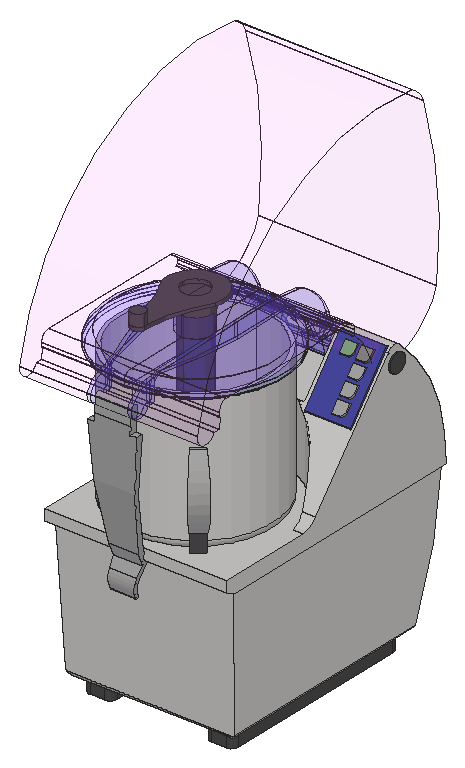
Revit family "QF_ELECTROLUXPROFESSIONAL_600520_K70YVVU", category Attrezzature speciali, Revit 2020
Family settings
  Quota connettore circolare = Usa diametro
  Tipo di parte = Normale
  Basato su piano di lavoro = No
  Sempre verticale = Sì
  Taglio con vuoti quando caricato = No
  Condiviso = No
  Punto di calcolo locali = No
Parameters (values of type "Standard")
  Weight = 24.00 kg
  Watts = 1500 W
  Volts = 110 V
  URL Manufacturer = "https://www.electroluxprofessional.com/"
  URL = "https://www.electroluxprofessional.com/"
  Steam Supply Size = 0 mm
  Steam Supply Minimum Pressure = 0.0 Pa
  Steam Supply Maximum Pressure = 0.0 Pa
  Steam Consumption per Hour = 0
  Show Logo [instance] = yes
  Show Clearance [instance] = yes
  Refrigeration Suction Line Size = 0.0 mm
  Refrigeration Liquid Line Size = 0.0 mm
  Refrigerant Compressor Remote = yes
  Prospetto di default = 0.0 mm
  Produttore = "Electrolux Professional"
  Phase = 1
  Modello = "K70YVVU"
  Length Actual = 256.0 mm  # constant formula
  Item Number = "600520"
  Hot Water Size = 0 mm
  Height Actual = 522.0 mm  # constant formula
  HP = "2 HP"
  Gas Size = 0 mm
  Gas KW = 0
  Gas Input Pressure = 0 W
  Direct Waste Size = 0 mm
  Descrizione = "CUTTER-MIXER 7L-MICROTOOTHED BLADE-VARIAB.SPEED-1500W-100-120/1/60-US"
  Depth Actual = 422.0 mm  # constant formula
  Cycle = 60 Hz
  Condensate Return Size = 0 mm
  Compressed Air Volume = 0.0 L/s
  Compressed Air Size = 0 mm
  Compressed Air Pressure = 0.0 Pa
  Cold Water Size = 0 mm
  Accessory = yes
Reference planes
  plane 1 "Center (Front/Back)": y = 0
  plane 2: z = 0
  plane 3 "Center (Left/Right)": x = 0
  plane 4 "BACK": y = 207.5
  plane 5 "LEFT": x = -128
  plane 6 "RIGHT": x = 128
  plane 7 "CenterX": x = -10
  plane 8 "Maniglia": through (-10, -59.177, 4000) normal (0.766, 0.6428, 0)
  plane 9 "Panel": through (4267.2, 107.252, 388.448) normal (0, 0.766, -0.6428)
  plane 10: z = 333.007
  plane 11: z = 705
  plane 12 "FRONT": y = -211.43
Forms (mm)
  Extrusion 1, solid, material "QF_Finishes_Stainless Steel"
    sketch origin (0, 0, 13) x (0, 1, 0) y (0, 0, 1)
      loop
        arc (207.5, 203.483) -> (187.745, 305.45) -> (127.203, 389.844) r 242.898
        arc (127.203, 389.844) -> (116.931, 393.38) -> (107.252, 388.448) r 13.902
        line (107.252, 388.448) -> (-20.106, 236.67)
        arc (-20.106, 236.67) -> (-30.264, 228.875) -> (-42.764, 226.104) r 29.578
        line (-42.764, 226.104) -> (-177.764, 226.104) -> (-177.764, 211.104) -> (-161.42, 203.483) -> (207.5, 203.483)
    from -128 to 128
  Extrusion 2, void
    sketch origin (0, -207.5, 0) x (-1, 0, 0) y (0, 0, 1)
      loop
        line (-53.607, 430.88) -> (-53.607, 336.684) -> (71.073, 336.684) -> (71.073, 430.88) -> (-53.607, 430.88)
    from 255.469 to 415
  Extrusion 3, solid, material "QF_Finishes_Black"
    sketch origin (0, 0.856, 11.209) x (0, 1, 0) y (0, 0, 1)
      loop
        circle (117.901, 373.007) r 13.005
    from 131.516 to 128
  Extrusion 4, solid, material "QF_Finishes_Black"
    sketch origin (0, 0.856, 11.209) x (0, 1, 0) y (0, 0, -1)
      loop
        circle (117.901, -373.007) r 13.005
    from 131.516 to 128
  Extrusion 5, void
    sketch origin (0, 0, 13) x (1, 0, 0) y (0, 1, 0)
      loop
        arc (115, -59.177) -> (-10, 65.823) -> (-135, -59.177) r 125
        line (-135, -59.177) -> (115, -59.177)
    from 226.104 to 336.684
  Extrusion 6, solid, material "QF_Finishes_Stainless Steel"
    sketch origin (0, 0, 13) x (0, 1, 0) y (0, 0, 1)
      loop
        arc (155.897, 6) -> (160.37, 10.596) -> (163.359, 16.27) r 22.417
        arc (163.359, 16.27) -> (192.273, 107.896) -> (201.98, 203.483) r 470.678
        line (201.98, 203.483) -> (-161.42, 203.483)
        arc (-161.42, 203.483) -> (-159.547, 108.877) -> (-151.391, 14.604) r 1423.016
        arc (-151.391, 14.604) -> (-146.603, 8.365) -> (-139.103, 6) r 13.076
        line (-139.103, 6) -> (155.897, 6)
    from -128 to 128
  Extrusion 7, void
    sketch origin (0, -207.5, 13) x (-1, 0, 0) y (0, 0, 1)
      loop
        line (128, 203.483) -> (125, 203.483) -> (119.389, 16.27) -> (109.119, 6) -> (128, 6) -> (128, 203.483)
      loop
        line (-128, 203.483) -> (-128, 6) -> (-109.119, 6) -> (-119.389, 16.27) -> (-125, 203.483) -> (-128, 203.483)
    from 14.374 to 435.947
  Extrusion 8, solid, material "QF_Finishes_Stainless Steel"
    sketch origin (417.596, 210.5, 41.977) x (-1, 0, 0) y (0, 0, -1)
      loop
        line (407.596, -163.023) -> (407.596, -183.023) -> (427.596, -183.023) -> (427.596, -163.023) -> (407.596, -163.023)
    from 0 to 20.07
  Extrusion 9, solid, material "QF_Finishes_Door Clearance", visible <- "Show Clearance"
    sketch origin (0, 0, 0) x (0, 1, 0) y (0, 0, 1)
      loop
        line (-173.494, 422.615) -> (-171.089, 436.254)
        arc (-171.089, 436.254) -> (-172.157, 437.33) -> (-172.548, 438.795) r 2.942
        line (-172.548, 438.795) -> (-172.548, 443.86)
        arc (-172.548, 443.86) -> (-169.089, 452.212) -> (-160.737, 455.672) r 11.812
        line (-160.737, 455.672) -> (53.48, 455.672)
        arc (53.48, 455.672) -> (61.832, 452.212) -> (65.292, 443.86) r 11.812
        line (65.292, 443.86) -> (65.292, 438.643)
        arc (65.292, 438.643) -> (64.474, 436.67) -> (62.501, 435.853) r 2.79
        line (62.501, 435.853) -> (65.394, 435.853)
        arc (65.394, 435.853) -> (87.669, 406.556) -> (98.91, 371.512) r 108.872
        line (98.91, 371.512) -> (103.658, 371.512)
        arc (103.658, 371.512) -> (123.183, 366.809) -> (136.948, 381.433) r 20
        line (136.948, 381.433) -> (142.652, 387.136)
        arc (142.652, 387.136) -> (146.158, 383.258) -> (149.579, 379.306) r 242.898
        arc (149.579, 379.306) -> (185.712, 400.852) -> (208.237, 436.382) r 90.696
        arc (208.237, 436.382) -> (211.467, 559.418) -> (185.583, 679.745) r 518.061
        arc (185.583, 679.745) -> (177.887, 692.693) -> (165.662, 701.494) r 36.946
        arc (165.662, 701.494) -> (-77.711, 642.027) -> (-211.274, 430.064) r 334.013
        arc (-211.274, 430.064) -> (-199.783, 412.951) -> (-181.577, 422.615) r 15.391
        line (-181.577, 422.615) -> (-173.494, 422.615)
    from -135.664 to 114.475
Cuts and joins
  Extrusion 2, Extrusion 5 cuts Extrusion 1
  Extrusion 7 cuts Extrusion 6
Dimensions and locks
  plane 5 "LEFT" to plane 6 "RIGHT" = 256.0 mm
  plane 11 to level = 705.0 mm
  aligned and locked: level to plane 2
Nested families
  nested 1: "ELX_LOGO_MONO_SMALL - BLUE" at (-109.17, 69.14, 356.029) x (-1, 0, 0) z (0, -0.766, 0.6428), Show Logo <- "Show Logo", visible <- "Show Logo", type "ELX_LOGO_MONO_SMALL - BLUE"
    with Show Logo yes
  nested 2: "Piedino DYNAMIC PREPARATION" at (85.5, 7.5, 0), type "Piedino DYNAMIC PREPARATION"
    with Show Logo yes, H 11.0 mm
  nested 3: "Piedino DYNAMIC PREPARATION" at (-85.5, 7.5, 0) x (-1, 0, 0) z (0, 0, 1), type "Piedino DYNAMIC PREPARATION"
    with Show Logo yes, H 11.0 mm
  nested 4: "Tastiera Digitale" at (91.25, 78.964, 367.737) x (1, 0, 0) z (0, -0.766, 0.6428), type "Tastiera Digitale"
  nested 5: "PENTOLA" at (0.031, -0.43, 12.969), type "PENTOLA"
    with Show Logo yes
Connectors
  electrical at (0, 210.5, 215)
    settings: on Extrusion 8, index 92, voltage 0 V, apparent load 0 VA, apparent load phase1 0 VA, apparent load phase2 0 VA, apparent load phase3 0 VA, power factor 1, load classification "Altro", number of poles 1, system type 30, power factor state 1, is connector primary yes, connector utility no, sub classification motor no, connector description "EI"
Definition of nested family "ELX_LOGO_MONO_SMALL - BLUE"
  Parameters (values of type "ELX_LOGO_MONO_SMALL - BLUE")
    Show Logo [instance] = yes
    Default Elevation = 1219.2 mm
  Reference planes
    plane 1 "Center (Front/Back)": y = -49
    plane 2: z = 0
    plane 3 "Center (Left/Right)": x = -9.92
  Forms (mm)
    Extrusion 1, solid
      sketch origin (0, 0, 0) x (1, 0, 0) y (0, 1, 0)
        loop
          line (-1219.2, 1219.2) -> (-1219.2, -1219.2) -> (1219.2, -1219.2) -> (1219.2, 1219.2) -> (-1219.2, 1219.2)
      from 0 to -304.8
    Extrusion 2, solid, visible <- "Show Logo"
      sketch origin (84.462, 509.781, 0) x (1, 0, 0) y (0, 1, 0)
        loop
          line (-97.132, -567.787) -> (-97.132, -549.816)
          arc (-97.132, -549.816) -> (-103.775, -558.801) -> (-97.132, -567.787) r 9.398
        loop
          arc (-96.218, -567.787) -> (-88.745, -566.088) -> (-85.144, -559.322) r 9.21
          line (-85.144, -559.322) -> (-88.117, -559.322)
          arc (-88.117, -559.322) -> (-93.428, -561.478) -> (-96.218, -566.485) r 8.633
          line (-96.218, -566.485) -> (-96.218, -567.787)
        loop
          arc (-96.218, -551.117) -> (-93.428, -556.124) -> (-88.117, -558.28) r 8.633
          line (-88.117, -558.28) -> (-85.144, -558.28)
          arc (-85.144, -558.28) -> (-88.739, -551.459) -> (-96.218, -549.585) r 9.451
          line (-96.218, -549.585) -> (-96.218, -551.117)
        loop
          line (-84.462, -568.767) -> (-84.462, -548.794) -> (-104.462, -548.794) -> (-104.462, -568.767) -> (-84.462, -568.767)
      from 0 to 1.644
  Dimensions and locks
    aligned and locked: plane 2 to Extrusion 1
    aligned and locked: level to Extrusion 1
Definition of nested family "Piedino DYNAMIC PREPARATION"
  Parameters (values of type "Piedino DYNAMIC PREPARATION")
    Show Logo [instance] = yes
    Default Elevation = 0.0 mm
    H [instance] = 11.0 mm
  Reference planes
    plane 1 "Centro (Fronte/Retro)": y = 0
    plane 2: z = 0
    plane 3 "Centro (Sinistra/Destra)": x = 0
  Forms (mm)
    Extrusion 1, solid
      sketch origin (0, 0, 0) x (1, 0, 0) y (0, 1, 0)
        loop
          arc (-10, 145) -> (-17.071, 142.071) -> (-20, 135) r 10
          line (-20, 135) -> (-20, -135)
          arc (-20, -135) -> (-17.071, -142.071) -> (-10, -145) r 10
          line (-10, -145) -> (10, -145)
          arc (10, -145) -> (17.071, -142.071) -> (20, -135) r 10
          line (20, -135) -> (20, 135)
          arc (20, 135) -> (17.071, 142.071) -> (10, 145) r 10
          line (10, 145) -> (-10, 145)
      from 0 to 19
  Dimensions and locks
    aligned and locked: level to plane 2
Definition of nested family "Tastiera Digitale"
  Parameters (values of type "Tastiera Digitale")
    Default Elevation = 1219.2 mm
  Reference planes
    plane 1 "Centro (Fronte/Retro)": y = 0
    plane 2: z = 0
    plane 3 "Centro (Sinistra/Destra)": x = 0
  Forms (mm)
    Extrusion 1, solid
      sketch origin (0, 0, 0) x (1, 0, 0) y (0, 1, 0)
        loop
          line (-1219.2, 1219.2) -> (-1219.2, -1219.2) -> (1219.2, -1219.2) -> (1219.2, 1219.2) -> (-1219.2, 1219.2)
      from 0 to -304.8
    Extrusion 2, solid
      sketch origin (-75.554, 107.59, 0.01) x (1, 0, -0.000132) y (0, 1, 0)
        loop
          line (43.114, -57.598) -> (43.114, -157.581) -> (107.993, -157.581) -> (107.993, -57.598) -> (43.114, -57.598)
      from 0 to 1.6
    Extrusion 3, solid
      sketch origin (-132.607, -70.222, 1.61) x (0, 1, -0.000132) y (-1, 0, 0)
        loop
          line (110.876, -112.81) -> (93.634, -112.81) -> (93.634, -122.863)
          arc (93.634, -122.863) -> (95.709, -127.871) -> (100.717, -129.946) r 7.082
          line (100.717, -129.946) -> (110.876, -129.946) -> (110.876, -112.81)
      from 0 to 1.6
    Extrusion 4, solid
      sketch origin (-87.607, -70.222, 1.61) x (0, 1, -0.000132) y (-1, 0, 0)
        loop
          line (110.876, -90.19) -> (93.634, -90.19) -> (93.634, -100.243)
          arc (93.634, -100.243) -> (95.709, -105.251) -> (100.717, -107.325) r 7.082
          line (100.717, -107.325) -> (110.876, -107.325) -> (110.876, -90.19)
      from 0 to 1.6
    Extrusion 5, solid
      sketch origin (-87.607, -91.472, 1.61) x (0, 1, -0.000132) y (-1, 0, 0)
        loop
          line (110.876, -90.19) -> (93.634, -90.19) -> (93.634, -100.243)
          arc (93.634, -100.243) -> (95.709, -105.251) -> (100.717, -107.325) r 7.082
          line (100.717, -107.325) -> (110.876, -107.325) -> (110.876, -90.19)
        loop
          line (89.001, -90.19) -> (71.759, -90.19) -> (71.759, -100.243)
          arc (71.759, -100.243) -> (73.834, -105.251) -> (78.842, -107.325) r 7.082
          line (78.842, -107.325) -> (89.001, -107.325) -> (89.001, -90.19)
        loop
          line (67.126, -90.19) -> (49.884, -90.19) -> (49.884, -100.243)
          arc (49.884, -100.243) -> (51.959, -105.251) -> (56.967, -107.325) r 7.082
          line (56.967, -107.325) -> (67.126, -107.325) -> (67.126, -90.19)
      from 0 to 1.6
  Dimensions and locks
    aligned and locked: plane 2 to Extrusion 1
    aligned and locked: level to Extrusion 1
Definition of nested family "PENTOLA"
  Parameters (values of type "PENTOLA")
    Show Logo [instance] = yes
    Default Elevation = 0.0 mm
    Model = "600438"
  Reference planes
    plane 1 "Center (Front/Back)": y = 0
    plane 2: z = 0
    plane 3 "Center (Left/Right)": x = 0
    plane 4 "TOP": z = 705.4
    plane 5 "FRONT": y = -211
    plane 6 "BACK": y = 211
    plane 7 "LEFT": x = -128
    plane 8 "RIGHT": x = 128
    plane 9 "CenterX": x = -10
    plane 10 "Maniglia": through (-10, -59.177, 4000) normal (0.766, 0.6428, 0)
    plane 11 "Panel": through (4267.2, 107.252, 388.448) normal (0, 0.766, -0.6428)
    plane 12: z = 510
  Forms (mm)
    Revolve 1, solid
      sketch origin (-10, 0, 0) x (0, -1, 0) y (0, 0, 1)
        loop
          line (59.177, 490.527) -> (28.516, 490.527) -> (35.424, 483.619) -> (35.424, 470.527) -> (38.194, 470.527) -> (38.194, 356.104) -> (59.177, 356.104) -> (59.177, 490.527)
        axis (59.177, 356.104) -> (59.177, 490.527)
      angle from 0 to 360
    Extrusion 2, solid
      sketch origin (0, 0, 0) x (1, 0, 0) y (0, 1, 0)
        loop
          arc (-48.167, -71.147) -> (-28.951, -114.517) -> (-19.956, -161.093) r 210.055
          arc (-19.956, -161.093) -> (-10, -170.155) -> (-0.044, -161.093) r 10
          arc (-0.044, -161.093) -> (8.951, -114.517) -> (28.167, -71.147) r 210.055
          arc (28.167, -71.147) -> (-10, -19.177) -> (-48.167, -71.147) r 40
      from 490.527 to 495.013
    Extrusion 3, solid
      sketch origin (0, 0, 0) x (1, 0, 0) y (0, 1, 0)
        loop
          circle (-10, -160.155) r 10
      from 495.013 to 510.592
    Extrusion 4, void
      sketch origin (0, 0, 0) x (1, 0, 0) y (0, 1, 0)
        loop
          circle (-10, -59.177) r 19
      from 467.615 to 512.796
    Extrusion 5, void
      sketch origin (-20, 0, 0) x (-1, 0, 0) y (0, -1, 0)
        loop
          line (16.15, 177.864) -> (16.15, -123.86) -> (35.771, -123.86) -> (35.771, 48.192)
          arc (35.771, 48.192) -> (30.047, 105.502) -> (17.781, 161.776) r 500.876
          line (17.781, 161.776) -> (17.781, 171.776) -> (16.15, 177.864)
        loop
          line (40.771, -123.86) -> (45.852, -123.86) -> (45.852, 210.681) -> (21.15, 210.681) -> (21.15, 178.522) -> (22.781, 172.434) -> (22.781, 162.459)
          arc (22.781, 162.459) -> (35.047, 105.893) -> (40.771, 48.297) r 505.876
          line (40.771, 48.297) -> (40.771, -123.86)
      from 381.652 to 477.521
    Extrusion 6, solid
      sketch origin (-20, 0, 0) x (0, 1, 0) y (0, 0, -1)
        loop
          line (-173.064, -409.647) -> (-181.147, -409.647)
          arc (-181.147, -409.647) -> (-199.354, -399.982) -> (-210.844, -417.096) r 15.391
          arc (-210.844, -417.096) -> (-202.04, -429.372) -> (-189.058, -437.099) r 36.946
          arc (-189.058, -437.099) -> (-65.868, -463.241) -> (59.99, -458.888) r 518.061
          arc (59.99, -458.888) -> (92.246, -438.11) -> (113.023, -405.855) r 90.696
          arc (113.023, -405.855) -> (114.903, -399.662) -> (115.972, -393.28) r 50.278
          arc (115.972, -393.28) -> (121.968, -392.806) -> (127.203, -389.844) r 13.902
          arc (127.203, -389.844) -> (135.322, -382.188) -> (143.082, -374.167) r 242.898
          line (143.082, -374.167) -> (137.378, -368.464)
          arc (137.378, -368.464) -> (123.613, -353.84) -> (104.088, -358.543) r 20
          line (104.088, -358.543) -> (99.34, -358.543)
          arc (99.34, -358.543) -> (88.098, -393.587) -> (65.823, -422.884) r 108.872
          line (65.823, -422.884) -> (50.823, -422.884)
          arc (50.823, -422.884) -> (52.796, -423.701) -> (53.614, -425.674) r 2.79
          line (53.614, -425.674) -> (53.614, -430.892)
          arc (53.614, -430.892) -> (50.154, -439.244) -> (41.802, -442.703) r 11.812
          line (41.802, -442.703) -> (-160.307, -442.703)
          arc (-160.307, -442.703) -> (-168.659, -439.244) -> (-172.119, -430.892) r 11.812
          line (-172.119, -430.892) -> (-172.119, -425.826)
          arc (-172.119, -425.826) -> (-171.728, -424.361) -> (-170.659, -423.285) r 2.942
          line (-170.659, -423.285) -> (-173.064, -409.647)
        loop
          circle (117.901, -373.007) r 9.416
      from 16.15 to 45.852
    Extrusion 7, solid
      sketch origin (0, 0, 0) x (0, 1, 0) y (0, 0, 1)
        loop
          line (137.378, 368.464) -> (143.082, 374.167)
          arc (143.082, 374.167) -> (135.322, 382.188) -> (127.203, 389.844) r 242.898
          arc (127.203, 389.844) -> (116.931, 393.38) -> (107.252, 388.448) r 13.902
          line (107.252, 388.448) -> (95.766, 374.76)
          arc (95.766, 374.76) -> (97.862, 366.72) -> (99.34, 358.543) r 108.872
          line (99.34, 358.543) -> (104.088, 358.543)
          arc (104.088, 358.543) -> (123.613, 353.84) -> (137.378, 368.464) r 20
        loop
          circle (117.901, 373.007) r 9.416
      from -71.073 to 53.607
    Extrusion 8, solid
      sketch origin (0, 0, 0) x (0, 1, 0) y (0, 0, 1)
        loop
          arc (-182.273, 168.111) -> (-185.377, 178.111) -> (-182.273, 188.111) r 17.658
          line (-182.273, 188.111) -> (-169.592, 207.294) -> (-177.764, 211.104) -> (-177.764, 222.201) -> (-180.378, 224.815)
          arc (-180.378, 224.815) -> (-195.887, 307.452) -> (-195.295, 391.529) r 437.299
          line (-195.295, 391.529) -> (-193.232, 411.422)
          arc (-193.232, 411.422) -> (-197.69, 416.911) -> (-203.179, 412.454) r 5
          line (-203.179, 412.454) -> (-205.242, 392.56)
          arc (-205.242, 392.56) -> (-202.268, 306.332) -> (-185.461, 221.705) r 534.528
          line (-185.461, 221.705) -> (-177.764, 203.503) -> (-186.394, 190.943)
          arc (-186.394, 190.943) -> (-190.377, 178.111) -> (-186.394, 165.28) r 22.658
          arc (-186.394, 165.28) -> (-182.917, 164.635) -> (-182.273, 168.111) r 2.5
      from -49.646 to 27.326
    Extrusion 9, void
      sketch origin (0, -211, 0) x (-1, 0, 0) y (0, 0, 1)
        loop
          line (-15.15, 416.938) -> (-47.326, 416.938) -> (-47.326, 161.938) -> (-6.963, 161.938) -> (-24.508, 381.652) -> (-15.15, 381.652) -> (-15.15, 416.938)
        loop
          line (26.963, 161.938) -> (77.918, 161.938) -> (77.918, 416.938) -> (35.15, 416.938) -> (35.15, 381.652) -> (44.508, 381.652) -> (26.963, 161.938)
      from 46.08 to -69.339
    Extrusion 10, solid
      sketch origin (0, 0, 0) x (0, 1, 0) y (0, 0, 1)
        loop
          line (-173.064, 409.647) -> (-170.659, 423.285)
          arc (-170.659, 423.285) -> (-171.728, 424.361) -> (-172.119, 425.826) r 2.942
          line (-172.119, 425.826) -> (-172.119, 430.892)
          arc (-172.119, 430.892) -> (-168.659, 439.244) -> (-160.307, 442.703) r 11.812
          line (-160.307, 442.703) -> (41.802, 442.703)
          arc (41.802, 442.703) -> (50.154, 439.244) -> (53.614, 430.892) r 11.812
          line (53.614, 430.892) -> (53.614, 425.674)
          arc (53.614, 425.674) -> (52.796, 423.701) -> (50.823, 422.884) r 2.79
          line (50.823, 422.884) -> (65.823, 422.884)
          arc (65.823, 422.884) -> (88.098, 393.587) -> (99.34, 358.543) r 108.872
          line (99.34, 358.543) -> (104.088, 358.543)
          arc (104.088, 358.543) -> (123.613, 353.84) -> (137.378, 368.464) r 20
          line (137.378, 368.464) -> (143.082, 374.167)
          arc (143.082, 374.167) -> (135.322, 382.188) -> (127.203, 389.844) r 242.898
          arc (127.203, 389.844) -> (121.968, 392.806) -> (115.972, 393.28) r 13.902
          arc (115.972, 393.28) -> (114.903, 399.662) -> (113.023, 405.855) r 50.278
          arc (113.023, 405.855) -> (92.246, 438.11) -> (59.99, 458.888) r 90.696
          arc (59.99, 458.888) -> (-65.868, 463.241) -> (-189.058, 437.099) r 518.061
          arc (-189.058, 437.099) -> (-202.04, 429.372) -> (-210.844, 417.096) r 36.946
          arc (-210.844, 417.096) -> (-199.354, 399.982) -> (-181.147, 409.647) r 15.391
          line (-181.147, 409.647) -> (-173.064, 409.647)
        loop
          circle (117.901, 373.007) r 9.416
      from 16.15 to 45.852
    Extrusion 11, void
      sketch origin (0, 0, 0) x (1, 0, 0) y (0, 1, 0)
        loop
          line (16.15, -177.864) -> (17.781, -171.776) -> (17.781, -161.776)
          arc (17.781, -161.776) -> (30.047, -105.502) -> (35.771, -48.192) r 500.876
          line (35.771, -48.192) -> (35.771, 123.86) -> (16.15, 123.86) -> (16.15, -177.864)
        loop
          line (40.771, 123.86) -> (40.771, -48.297)
          arc (40.771, -48.297) -> (35.047, -105.893) -> (22.781, -162.459) r 505.876
          line (22.781, -162.459) -> (22.781, -172.434) -> (21.15, -178.522) -> (21.15, -210.681) -> (45.852, -210.681) -> (45.852, 123.86) -> (40.771, 123.86)
      from 381.652 to 477.521
    Revolve 12, solid
      sketch origin (-10, 0, 0) x (0, -1, 0) y (0, 0, 1)
        loop
          line (38.194, 422.884) -> (38.194, 470.527) -> (35.424, 470.527) -> (35.424, 442.703) -> (-53.802, 442.703)
          arc (-53.802, 442.703) -> (-62.213, 439.268) -> (-65.732, 430.892) r 11.871
          line (-65.732, 430.892) -> (-65.732, 425.793)
          arc (-65.732, 425.793) -> (-64.88, 423.736) -> (-62.823, 422.884) r 2.909
          line (-62.823, 422.884) -> (38.194, 422.884)
        axis (59.177, 422.884) -> (59.177, 470.527)
      angle from 0 to 360
    Revolve 13, solid
      sketch origin (-10, 0, 0) x (0, -1, 0) y (0, 0, 1)
        loop
          line (169.177, 422.884) -> (164.177, 422.884) -> (164.177, 237.884)
          arc (164.177, 237.884) -> (162.191, 233.09) -> (157.397, 231.104) r 6.78
          line (157.397, 231.104) -> (84.177, 231.104) -> (84.177, 356.104) -> (79.177, 356.104) -> (79.177, 226.104) -> (157.397, 226.104)
          arc (157.397, 226.104) -> (165.726, 229.554) -> (169.177, 237.884) r 11.78
          line (169.177, 237.884) -> (169.177, 422.884)
        axis (59.177, 422.884) -> (59.177, 226.104)
      angle from 0 to 360
    Extrusion 14, solid
      sketch origin (-49.423, -13.925, 0) x (0.634002, 0.773331, 0) y (-0.773331, 0.634002, 0)
        loop
          line (-55.497, -222.333) -> (-26.468, -227.794) -> (-20.635, -161.119)
          arc (-20.635, -161.119) -> (-28.727, -159.898) -> (-36.729, -158.185) r 133.529
          line (-36.729, -158.185) -> (-55.497, -222.333)
      from 226.104 to 356.104
    Revolve 15, void
      sketch origin (-35.007, -29.374, 0) x (-0.642788, 0.766044, 0) y (0, 0, 1)
        loop
          arc (-155.215, 337.579) -> (-171.344, 302.579) -> (-155.215, 267.579) r 46.04
          line (-155.215, 267.579) -> (-147.754, 267.579) -> (-147.754, 337.579) -> (-155.215, 337.579)
        loop
          line (-155.215, 356.104) -> (-147.754, 356.104) -> (-147.754, 361.761) -> (-215.215, 361.761) -> (-215.215, 226.104) -> (-147.754, 226.104) -> (-147.754, 256.485) -> (-163.93, 256.485)
          arc (-163.93, 256.485) -> (-184.453, 308.471) -> (-155.215, 356.104) r 62.537
        axis (10, 361.761) -> (10, 226.104)
      angle from -8.217 to 8.652
    Extrusion 16, solid
      sketch origin (0, 0, 0) x (1, 0, 0) y (0, 1, 0)
        loop
          arc (57.446, -154.071) -> (64.931, -148.135) -> (72.061, -141.775) r 165.215
          line (72.061, -141.775) -> (66.401, -136.116)
          arc (66.401, -136.116) -> (59.824, -141.977) -> (52.928, -147.46) r 157.215
          line (52.928, -147.46) -> (57.446, -154.071)
      from 226.104 to 256.485
    Extrusion 17, void
      sketch origin (0, 0, 0) x (0, 1, 0) y (0, 0, 1)
        loop
          line (-210.681, 417.459) -> (-211.654, 417.459) -> (-211.654, 411.793) -> (-210.681, 411.793) -> (-210.681, 417.459)
      from -41.15 to -65.852
    Extrusion 18, void
      sketch origin (0, 0, 0) x (0, 1, 0) y (0, 0, 1)
        loop
          line (-210.681, 417.459) -> (-211.654, 417.459) -> (-211.654, 411.793) -> (-210.681, 411.793) -> (-210.681, 417.459)
      from 21.15 to 45.852
  Cuts and joins
    Extrusion 4 cuts Extrusion 2
    Extrusion 5, Extrusion 11, Extrusion 17 cuts Extrusion 6
    Extrusion 9, Extrusion 11 cuts Extrusion 8
    Extrusion 11 cuts Extrusion 7
    Extrusion 11, Extrusion 18 cuts Extrusion 10
    Revolve 15 cuts Extrusion 14
  Dimensions and locks
    plane 4 "TOP" to level = 705.4 mm  (x2)
    plane 7 "LEFT" to plane 3 "Center (Left/Right)" to plane 8 "RIGHT" = 128.0 mm, 128.0 mm
    plane 6 "BACK" to plane 1 "Center (Front/Back)" to plane 5 "FRONT" = 211.0 mm, 211.0 mm
    plane 6 "BACK" to plane 5 "FRONT" = 422.0 mm
    plane 7 "LEFT" to plane 8 "RIGHT" = 256.0 mm
    plane 9 "CenterX" to plane 3 "Center (Left/Right)" = 10.0 mm
    plane 12 to level = 510.0 mm
    aligned and locked: level to plane 2
    aligned and locked: Extrusion 5 to cut or joined group of Extrusion 8, Extrusion 9, Extrusion 11
